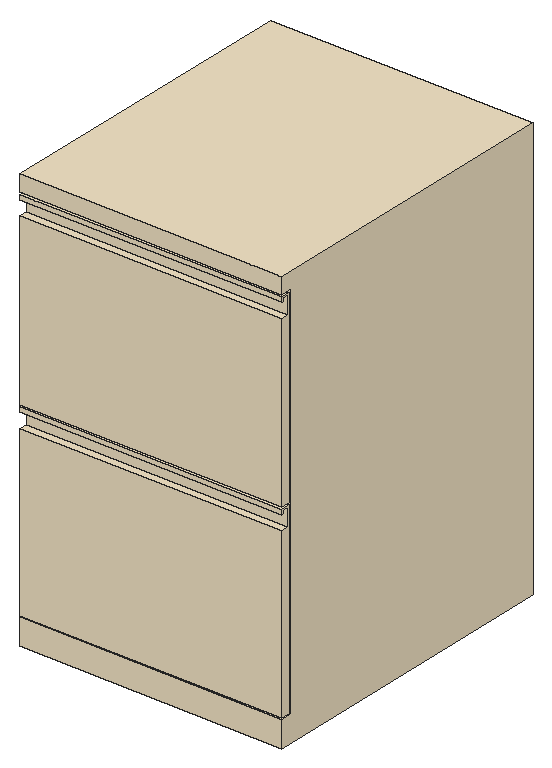
Revit family "954c0c6dcf1b452f985ad6b9f1ffc65d", category Furniture Systems, Revit 2021
Family settings
  Round Connector Dimension = Use Diameter
  Part Type = Normal
  OmniClass Number = 23.40.70.14.64.21
  OmniClass Title = Systems Furniture
  Work Plane-Based = No
  Always vertical = Yes
  Cut with Voids When Loaded = No
  Shared = No
  Room Calculation Point = No
Parameters (values of type "15" x 18" x 25"")
  Width = 15"
  Type Comments = "15\" x 18\" x 25\" Double File Cabinet"
  Show Solid [instance] = not(Show Dashed)  # yes
  Show Dashed [instance] = no
  Model = ""
  Manufacturer = ""
  Height = 25"
  Drawer Finish [instance] = Metal - Paint - Beige
  Description = ""
  Depth = 18"
  Default Elevation = 0"
  Cabinet Material [instance] = Metal - Paint - Beige
Reference planes (in)
  plane 1 "Back": y = 18
  plane 2: z = 0
  plane 3 "Center (Left/Right)": x = 0
  plane 4 "Left": x = -7.5
  plane 5 "Right": x = 7.5
  plane 6 "Center (Front/Back)": y = 0
  plane 7: y = 0.656
  plane 8 "Top": z = 25
  plane 9: z = 2.21875
  plane 10: z = 24.0625
  plane 11: z = 23.9375
  plane 12: z = 22.82855
  plane 13: z = 13.14063
  plane 14: z = 13.01563
  plane 15: z = 11.90667
  plane 16: z = 0.75
  plane 17: y = 3
  plane 18: y = 15
  plane 19: x = -5.375
  plane 20: x = -3.625
  plane 21: x = 5.375
  plane 22: x = 3.625
  plane 23: y = 0.531
  plane 24: z = 36
Forms (in)
  Extrusion 1, solid, material "Metal - Paint - Beige" <- "Cabinet Material"
    sketch origin (0, 22, 0) x (1, 0, 0) y (0, 1, 0)
      loop
        line (-7.5, -4) -> (-7.5, -21.344) -> (7.5, -21.344) -> (7.5, -4) -> (-7.5, -4)
    from 2.21875 to 24.0625
  Extrusion 2, solid, material "Metal - Paint - Beige" <- "Cabinet Material"
    sketch origin (0, 22, 0) x (1, 0, 0) y (0, 1, 0)
      loop
        line (-7.5, -4) -> (-7.5, -22) -> (7.5, -22) -> (7.5, -4) -> (-7.5, -4)
    from 24.0625 to 25
  Extrusion 3, solid, material "Metal - Paint - Beige" <- "Cabinet Material"
    sketch origin (0, 22, 0) x (1, 0, 0) y (0, 1, 0)
      loop
        line (-7.5, -4) -> (-7.5, -22) -> (7.5, -22) -> (7.5, -4) -> (-7.5, -4)
    from 0.75 to 2.21875
  Extrusion 4, solid, material "Metal - Paint - Beige" <- "Drawer Finish", detail levels medium+fine
    sketch origin (0, 0, 0) x (0, 1, 0) y (0, 0, 1)
      loop
        line (0, 22.82855) -> (0, 13.14063) -> (0.531, 13.14063) -> (0.531, 23.9375) -> (0, 23.9375) -> (0, 23.6875) -> (0.06, 23.6875) -> (0.06, 23.8775) -> (0.4685, 23.8775) -> (0.4685, 22.82855) -> (0, 22.82855)
    from -7.5 to 7.5
  Extrusion 5, solid, material "Metal - Paint - Beige" <- "Drawer Finish", detail levels medium+fine
    sketch origin (0, 0, 0) x (0, 1, 0) y (0, 0, 1)
      loop
        line (0, 11.90667) -> (0, 2.3125) -> (0.531, 2.3125) -> (0.531, 13.01563) -> (0, 13.01563) -> (0, 12.76563) -> (0.06, 12.76563) -> (0.06, 12.95563) -> (0.46966, 12.95563) -> (0.46966, 11.90667) -> (0, 11.90667)
    from -7.5 to 7.5
  Extrusion 6, solid
    sketch origin (0, 0, 0) x (0, 1, 0) y (0, 0, 1)
      loop
        line (2.04399, 0.75) -> (2.23701, 0.36245) -> (2.57765, 0.09522) -> (3, 0) -> (3.42235, 0.09522) -> (3.76299, 0.36245) -> (3.95601, 0.75) -> (2.04399, 0.75)
      loop
        line (14.04399, 0.75) -> (14.23701, 0.36245) -> (14.57765, 0.09522) -> (15, 0) -> (15.42235, 0.09522) -> (15.76299, 0.36245) -> (15.95601, 0.75) -> (14.04399, 0.75)
    from -5.375 to -3.625
  Extrusion 7, solid
    sketch origin (0, -11, 0) x (0, 1, 0) y (0, 0, 1)
      loop
        line (13.04399, 0.75) -> (13.23701, 0.36245) -> (13.57765, 0.09522) -> (14, 0) -> (14.42235, 0.09522) -> (14.76299, 0.36245) -> (14.95601, 0.75) -> (13.04399, 0.75)
      loop
        line (26.76299, 0.36245) -> (26.95601, 0.75) -> (25.04399, 0.75) -> (25.23701, 0.36245) -> (25.57765, 0.09522) -> (26, 0) -> (26.42235, 0.09522) -> (26.76299, 0.36245)
    from 3.625 to 5.375
  Extrusion 8, solid, material "Metal - Paint - Beige" <- "Drawer Finish", detail levels coarse
    sketch origin (0, 18, 0) x (1, 0, 0) y (0, 0, 1)
      loop
        line (-7.5, 13.01563) -> (-7.5, 2.34375) -> (7.5, 2.34375) -> (7.5, 13.01563) -> (-7.5, 13.01563)
      loop
        line (-7.5, 23.9375) -> (-7.5, 13.14063) -> (7.5, 13.14063) -> (7.5, 23.9375) -> (-7.5, 23.9375)
    from 17.469 to 18
Cuts and joins
  joined: Extrusion 1, Extrusion 2, Extrusion 3
Lines and regions (in)
  Masking region 1, visible <- "Show Solid"
    outline origin (0, 22, 0) x (1, 0, 0) y (0, 1, 0)
      loop
        line (-7.5, -4) -> (-7.5, -22) -> (7.5, -22) -> (7.5, -4) -> (-7.5, -4)
  Masking region 2, visible <- "Show Dashed"
    outline origin (0, 0, 0) x (1, 0, 0) y (0, 1, 0)
      loop
        line (-7.5, 18) -> (-7.5, 0) -> (7.5, 0) -> (7.5, 18) -> (-7.5, 18)
  symbolic lines, style "Storage", visible <- "Show Solid"
    curve 1: line (-7.5, 0.656, 0) -> (7.5, 0.656, 0)
    curve 4: line (-7.5, 0.656, 0) -> (7.5, 18, 0)
  symbolic lines, style "Dash Lines", visible <- "Show Dashed"
    curve 2: line (-7.5, 0.656, 0) -> (7.5, 0.656, 0)
    curve 3: line (-7.5, 0.656, 0) -> (7.5, 18, 0)
  reference lines
    curve 5: line (0, 0, 36) -> (0, 0, 0)
Dimensions and locks (in)
  "Width": plane 4 "Left" to plane 5 "Right"
  "Depth": plane 6 "Center (Front/Back)" to plane 1 "Back"
  equal spacing: plane 4 "Left", plane 3 "Center (Left/Right)", plane 5 "Right"
  locked: plane 7 to plane 6 "Center (Front/Back)" at 0.656
  locked: plane 9 to Extrusion 5 sketch curve at 0.09375
  locked: plane 14 to Extrusion 5 sketch curve at 0.25
  locked: plane 6 "Center (Front/Back)" to Extrusion 5 sketch curve at 0.06
  locked: plane 6 "Center (Front/Back)" to plane 17 at 3
  locked: plane 18 to plane 1 "Back" at 3
  plane 20 to plane 19 to plane 4 "Left" = 1 3/4" locked, 2 1/8" locked
  plane 5 "Right" to plane 21 to plane 22 = 2 1/8" locked, 1 3/4" locked
  "Height": plane 8 "Top" to plane 2
  locked: plane 23 to plane 7 at 0.125
  locked: Extrusion 4 sketch curve to plane 23 at 0.0625
  locked: Extrusion 5 sketch curve to plane 23 at 0.06134
  locked: Extrusion 8 sketch curve to plane 9 at 0.125
  plane 8 "Top" to plane 10 to plane 11 to plane 12 = 15/16", 1/8", 1.10895" locked
  plane 13 to plane 14 to plane 15 = 1/8" locked, 1.10895" locked
  equal spacing: plane 10, plane 13, plane 9
  locked: plane 24 to plane 2 at 36
  aligned and locked: plane 1 "Back" to Extrusion 1 sketch curve
  aligned and locked: Extrusion 1 sketch curve to plane 5 "Right"
  aligned and locked: plane 4 "Left" to Extrusion 1 sketch curve
  aligned and locked: plane 7 to Extrusion 1 sketch curve
  aligned and locked: Extrusion 1 to plane 9
  aligned and locked: plane 1 "Back" to Extrusion 2 sketch curve
  aligned and locked: Extrusion 2 sketch curve to plane 5 "Right"
  aligned and locked: plane 4 "Left" to Extrusion 2 sketch curve
  aligned and locked: plane 6 "Center (Front/Back)" to Extrusion 2 sketch curve
  aligned and locked: Extrusion 2 to plane 10
  aligned and locked: plane 8 "Top" to Extrusion 2
  aligned and locked: plane 1 "Back" to Extrusion 3 sketch curve
  aligned and locked: Extrusion 3 sketch curve to plane 5 "Right"
  aligned and locked: plane 4 "Left" to Extrusion 3 sketch curve
  aligned and locked: plane 6 "Center (Front/Back)" to Extrusion 3 sketch curve
  aligned and locked: plane 9 to Extrusion 3
  aligned and locked: Extrusion 3 to plane 16
  aligned and locked: Extrusion 1 to plane 10
  aligned and locked: Extrusion 4 sketch curve to plane 11
  aligned and locked: Extrusion 4 sketch curve to plane 6 "Center (Front/Back)"  (x2)
  aligned and locked: Extrusion 4 sketch curve to plane 12
  aligned and locked: plane 13 to Extrusion 4 sketch curve
  aligned and locked: Extrusion 5 sketch curve to plane 15
  aligned and locked: Extrusion 5 sketch curve to plane 6 "Center (Front/Back)"  (x2)
  aligned and locked: Extrusion 5 sketch curve to plane 14
  aligned and locked: Extrusion 5 to plane 4 "Left"
  aligned and locked: plane 5 "Right" to Extrusion 5
  aligned and locked: Extrusion 4 to plane 4 "Left"
  aligned and locked: plane 5 "Right" to Extrusion 4
  aligned and locked: plane 19 to Extrusion 6
  aligned and locked: plane 20 to Extrusion 6
  aligned and locked: plane 21 to Extrusion 7
  aligned and locked: plane 22 to Extrusion 7
  aligned and locked: level to plane 2
  aligned and locked: Extrusion 7 sketch curve to Extrusion 6  (x2)
  aligned and locked: plane 5 "Right" to curve 1
  aligned and locked: plane 23 to Extrusion 4 sketch curve
  aligned and locked: plane 23 to Extrusion 5 sketch curve
  aligned and locked: plane 1 "Back" to Masking region 1 sketch curve
  aligned and locked: Masking region 1 sketch curve to plane 5 "Right"
  aligned and locked: plane 6 "Center (Front/Back)" to Masking region 1 sketch curve
  aligned and locked: plane 4 "Left" to Masking region 1 sketch curve
  aligned and locked: plane 4 "Left" to Extrusion 8 sketch curve  (x2)
  aligned and locked: Extrusion 8 sketch curve to plane 14
  aligned and locked: Extrusion 8 sketch curve to plane 5 "Right"  (x2)
  aligned and locked: plane 13 to Extrusion 8 sketch curve
  aligned and locked: Extrusion 8 sketch curve to plane 11
  aligned and locked: plane 23 to Extrusion 8
  aligned and locked: Extrusion 8 to plane 6 "Center (Front/Back)"
  aligned and locked: plane 1 "Back" to Masking region 2 sketch curve
  aligned and locked: plane 4 "Left" to Masking region 2 sketch curve
  aligned and locked: plane 6 "Center (Front/Back)" to Masking region 2 sketch curve
  aligned and locked: Masking region 2 sketch curve to plane 5 "Right"
  aligned and locked: plane 5 "Right" to curve 2
  aligned and locked: plane 5 "Right" to curve 3
  aligned and locked: plane 1 "Back" to curve 3
  aligned and locked: plane 5 "Right" to curve 4
  aligned and locked: plane 1 "Back" to curve 4
  aligned and locked: plane 4 "Left" to curve 4
  aligned and locked: plane 7 to curve 4
  aligned and locked: plane 24 to curve 5
  aligned and locked: plane 2 to curve 5
  aligned and locked: curve 5 to plane 3 "Center (Left/Right)"
Automatic sketch dimensions
  plane 6 "Center (Front/Back)" to Extrusion 4 sketch curve = 0.06"
  Extrusion 4 sketch curve to plane 11 = 1/4"
  Extrusion 4 sketch curve to plane 11 = 0.06"
  Extrusion 6 sketch curve to plane 16 = 0"  (x2)
  Extrusion 6 sketch curve to level = 0"  (x2)
  Extrusion 6 sketch curve to plane 17 = 0"
  Extrusion 6 sketch curve to plane 18 = 0"
  level to Extrusion 6 sketch curve = 0.09522"  (x4)
  Extrusion 6 sketch curve to plane 17 = 0.42235"
  level to Extrusion 6 sketch curve = 0.36245"  (x4)
  Extrusion 6 sketch curve to Extrusion 6 sketch curve = 0.34064"  (x3)
  Extrusion 6 sketch curve to Extrusion 6 sketch curve = 0.19302"  (x4)
  plane 17 to Extrusion 6 sketch curve = 0.42235"
  Extrusion 6 sketch curve to plane 18 = 0.95601"
  Extrusion 6 sketch curve to plane 18 = 0.42235"
  plane 18 to Extrusion 6 sketch curve = 0.42235"
  Extrusion 7 sketch curve to plane 16 = 0"  (x2)
  Extrusion 7 sketch curve to level = 0"  (x2)
  plane 6 "Center (Front/Back)" to Extrusion 7 sketch curve = 2.04399"
  level to Extrusion 7 sketch curve = 0.36245"  (x2)
  Extrusion 7 sketch curve to Extrusion 7 sketch curve = 0.19302"  (x4)
  level to Extrusion 7 sketch curve = 0.09522"  (x4)
  Extrusion 7 sketch curve to Extrusion 7 sketch curve = 0.34064"  (x2)
  Extrusion 7 sketch curve to Extrusion 7 sketch curve = 0.42235"  (x2)
  Extrusion 7 sketch curve to plane 18 = 0.42235"
  Extrusion 7 sketch curve to plane 18 = 0"
  plane 18 to Extrusion 7 sketch curve = 0.42235"
  Extrusion 5 sketch curve to plane 14 = 0.06"
